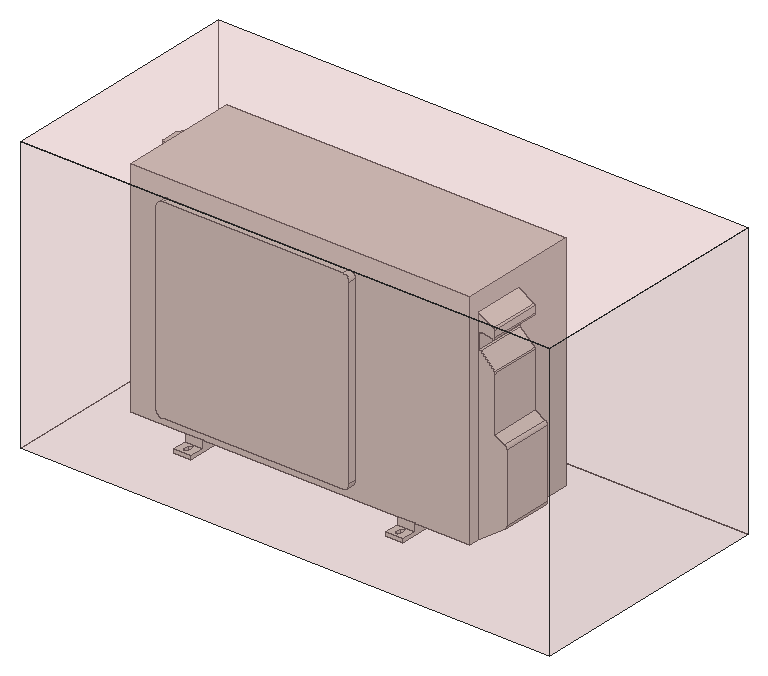
Revit family "MUY-TP35VF", category Mechanical Equipment, Revit 2016
Family settings
  Part Type = Normal
  Round Connector Dimension = Use Radius
  OmniClass Number = 23.75.00.00
  OmniClass Title = Climate Control (HVAC)
  Work Plane-Based = No
  Always vertical = Yes
  Cut with Voids When Loaded = No
  Shared = No
  Room Calculation Point = No
Parameters (values of type "MUY-TP35VF")
  Width (mm) = 800 mm
  Unit Weight (kg) = 34.00 kg
  Starting current (Set) (A) = 3.6
  Refrigerant type = "R32"
  Model = "MUY-TP35VF"
  Voltage = 230 V
  URL = "http://www.mitsubishielectric.com/"
  Subcategory = "HVAC"
  Space View = yes
  Refrigerant filling capacity (kg) = 0.85
  Phase = 1
  Manufacturer = "Mitsubishi Electric Corporation"
  Liquid pipe_radius (mm) = 3.2 mm
  Hertz = 50 Hz
  Height (mm) = 550 mm
  Gas pipe_radius (mm) = 4.8 mm
  Fan speed regulator = 3
  Fan motor Model = "RC0J50-NC"
  Fan Motor Cooling Current (A) = 0.21
  Depth (mm) = 285 mm
  Cooling Sound Level (dB(A)) = 45
  Cooling Running current (Set) (A) = 3.6
  Cooling Power input (Set) (W) = 760
  Cooling Power factor (Set) (%) = 91
  Cooling Fan Speed_Low (rpm) = 490
  Cooling Fan Speed_High (rpm) = 810
  Cooling Dehumidification (L/h) = 0.1
  Cooling Coefficient of performance (COP) (Set) = 4.61
  Cooling Capacity Rated frequency (Min.-Max.) (kW) = "3.5 (1.5-4.0)"
  Cooling Air Flow_Low (m3/h) = 984
  Cooling Air Flow_High (m3/h) = 1758
  Compressor Refrigeration oil (Model) = "0.35 (FW68S)"
  Compressor Output (W) = 900
  Compressor Model = "SVB130FBBMT"
  Compressor Cooling Current (A) = 3.6
  Breaker Capacity (A) = 10
Reference planes
  plane 1 "Center (Front/Back)": y = 0
  plane 2: z = 0
  plane 3 "Center (Left/Right)": x = 0
  plane 4: y = 137.441
  plane 5: y = -147.559
  plane 6: y = 137.441
  plane 7: y = -147.559
  plane 8: x = -424.944
  plane 9: x = 375.056
  plane 10: z = 550
  plane 11: y = -33.059
  plane 12: x = -122.4
  plane 13: z = 280
  plane 14: through (4267.2, -33.059, 99.519) normal (0, 0.682, -0.7314)
  plane 15: through (4267.2, -33.059, 164.533) normal (0, 0.5736, -0.8192)
Forms (mm)
  Extrusion 1, solid, material "Paint_3Y 7.8/ 1.1"
    sketch origin (0, 0, 0) x (1, 0, 0) y (0, 1, 0)
      loop
        line (-424.944, 137.441) -> (-424.944, -147.559) -> (375.056, -147.559) -> (375.056, 137.441) -> (-424.944, 137.441)
    from 26 to 550
  Extrusion 2, void
    sketch origin (-470.455, 137.441, 0) x (-1, 0, 0) y (0, 0, -1)
      loop
        line (-719.9, -45) -> (-719.9, -523) -> (-90.6, -523) -> (-90.6, -45) -> (-719.9, -45)
    from 0 to 20
  Extrusion 3, solid, material "Service space", visible <- "Space View"
    sketch origin (-18.256, 11.113, 0) x (1, 0, 0) y (0, 1, 0)
      loop
        line (743.313, 226.328) -> (-506.687, 226.328) -> (-506.688, -358.672) -> (743.312, -358.672) -> (743.313, 226.328)
    from 650 to 0
  Extrusion 4, solid
    sketch origin (-394.543, 124.738, 45) x (1, 0, 0) y (0, 1, 0)
      loop
        circle (484.071, 12.703) r 1.954
      loop
        circle (334.071, 12.703) r 1.954
      loop
        circle (174.071, 12.703) r 1.954
      loop
        circle (23.993, 12.703) r 1.954
      loop
        circle (633.993, 12.703) r 1.954
    from 0 to 478
  Extrusion 5, solid
    sketch origin (-475, -20.203, 0) x (0, 1, 0) y (0, 0, 1)
      loop
        circle (157.644, 509.319) r 2
      loop
        circle (157.644, 359.319) r 2
      loop
        circle (157.644, 209.319) r 2
      loop
        circle (157.644, 59.319) r 2
    from 95.145 to 724.445
  Extrusion 6, solid, material "Paint_3Y 7.8/ 1.1"
    sketch origin (0, -152.3, 0) x (1, 0, 0) y (0, 0, 1)
      loop
        line (375.056, 26) -> (441.127, 71.571)
        arc (441.127, 71.571) -> (443.295, 74.815) -> (444.056, 78.642) r 10
        line (444.056, 78.642) -> (444.056, 239.783)
        arc (444.056, 239.783) -> (442.717, 244.783) -> (439.056, 248.443) r 10
        line (439.056, 248.443) -> (415.575, 262) -> (415.575, 389.679)
        arc (415.575, 389.679) -> (415.195, 391.593) -> (414.111, 393.215) r 5
        line (414.111, 393.215) -> (380.436, 426.89)
        arc (380.436, 426.89) -> (379.352, 428.513) -> (378.971, 430.426) r 5
        line (378.971, 430.426) -> (378.971, 462.333)
        arc (378.971, 462.333) -> (380.893, 466.273) -> (385.181, 467.184) r 5
        line (385.181, 467.184) -> (409.366, 461.154)
        arc (409.366, 461.154) -> (413.654, 462.066) -> (415.575, 466.006) r 5
        line (415.575, 466.006) -> (415.575, 481.719)
        arc (415.575, 481.719) -> (414.906, 484.219) -> (413.075, 486.05) r 5
        line (413.075, 486.05) -> (375.056, 508) -> (375.056, 26)
    from -147.241 to -30.241
  Extrusion 7, solid, material "Paint_3Y 7.8/ 1.1"
    sketch origin (-2, -152.3, -15) x (1, 0, 0) y (0, 0, 1)
      loop
        arc (-333.4, 523) -> (-344.007, 518.607) -> (-348.4, 508) r 15
        line (-348.4, 508) -> (-348.4, 82)
        arc (-348.4, 82) -> (-344.007, 71.393) -> (-333.4, 67) r 15
        line (-333.4, 67) -> (92.6, 67)
        arc (92.6, 67) -> (103.207, 71.393) -> (107.6, 82) r 15
        line (107.6, 82) -> (107.6, 508)
        arc (107.6, 508) -> (103.207, 518.607) -> (92.6, 523) r 15
        line (92.6, 523) -> (-333.4, 523)
    from -4.741 to 12.959
  Extrusion 8, solid, material "Copper"
    sketch origin (0, 318.962, 382.582) x (1, 0, 0) y (0, 0.681998, -0.731354)
      loop
        circle (430.373, -33.059) r 4.76
    from -480.5 to -450.5
  Extrusion 9, solid, material "Copper"
    sketch origin (0, 301.686, 358.566) x (1, 0, 0) y (0, 0.573576, -0.819152)
      loop
        circle (430.373, -33.059) r 3.175
    from -415.5 to -385.5
  Extrusion 10, solid, material "Paint_3Y 7.8/ 1.1"
    sketch origin (0, 0, 550) x (1, 0, 0) y (0, 1, 0)
      loop
        line (-424.944, 29.941) -> (-444.593, 16.724)
        arc (-444.593, 16.724) -> (-446.54, 14.566) -> (-447.244, 11.745) r 6
        line (-447.244, 11.745) -> (-447.244, -22.397)
        arc (-447.244, -22.397) -> (-446.657, -24.747) -> (-445.034, -26.545) r 5
        line (-445.034, -26.545) -> (-424.944, -40.059) -> (-424.944, 29.941)
    from -15 to 0
  Extrusion 11, void
    sketch origin (0, -152.3, 0) x (1, 0, 0) y (0, 0, 1)
      loop
        line (-424.944, 547.199) -> (-424.944, 555.425) -> (-453.962, 555.425) -> (-453.962, 538.639) -> (-447.244, 538.639) -> (-424.944, 547.199)
    from -182.424 to -112.241
Cuts and joins
  Extrusion 2 cuts Extrusion 1
  Extrusion 2 cuts Extrusion 3
  Extrusion 2 cuts Extrusion 4
  Extrusion 2 cuts Extrusion 5
  Extrusion 11 cuts Extrusion 10
Lines and regions (mm)
  model lines
    curve 1: line (-354.444, 36.941, 550) -> (304.556, 36.941, 550)
    curve 2: line (-369.444, 81.941, 550) -> (-369.444, 51.941, 550)
    curve 3: line (304.556, 96.941, 550) -> (-354.444, 96.941, 550)
    curve 4: line (-344.4, -165.259, 505) -> (-344.4, -165.259, 55)
    curve 5: line (-332.4, -165.259, 508) -> (-332.4, -165.259, 52)
    curve 6: line (-320.4, -165.259, 508) -> (-320.4, -165.259, 52)
    curve 7: line (-308.4, -165.259, 508) -> (-308.4, -165.259, 52)
    curve 8: line (-296.4, -165.259, 508) -> (-296.4, -165.259, 52)
    curve 9: line (-284.4, -165.259, 508) -> (-284.4, -165.259, 52)
    curve 10: line (-272.507, -165.259, 508) -> (-272.507, -165.259, 52)
    curve 11: line (-260.4, -165.259, 508) -> (-260.4, -165.259, 52)
    curve 12: line (105.6, -165.259, 446) -> (-350.4, -165.259, 446)
    curve 13: line (105.6, -165.259, 352) -> (-350.4, -165.259, 352)
    curve 14: line (105.6, -165.259, 258) -> (-350.4, -165.259, 258)
    curve 15: line (105.6, -165.259, 164) -> (-350.4, -165.259, 164)
    curve 16: line (105.6, -165.259, 70) -> (-350.4, -165.259, 70)
    curve 17: line (-248.4, -165.259, 508) -> (-248.4, -165.259, 52)
    curve 18: line (-236.4, -165.259, 508) -> (-236.4, -165.259, 52)
    curve 19: line (-224.4, -165.259, 508) -> (-224.4, -165.259, 52)
    curve 20: line (-212.4, -165.259, 508) -> (-212.4, -165.259, 52)
    curve 21: line (-200.4, -165.259, 508) -> (-200.4, -165.259, 52)
    curve 22: line (-188.507, -165.259, 508) -> (-188.507, -165.259, 52)
    curve 23: line (-176.4, -165.259, 508) -> (-176.4, -165.259, 52)
    curve 24: line (-164.4, -165.259, 508) -> (-164.4, -165.259, 52)
    curve 25: line (-152.4, -165.259, 508) -> (-152.4, -165.259, 52)
    curve 26: line (-140.4, -165.259, 508) -> (-140.4, -165.259, 52)
    curve 27: line (-128.4, -165.259, 508) -> (-128.4, -165.259, 52)
    curve 28: line (-116.4, -165.259, 508) -> (-116.4, -165.259, 52)
    curve 29: line (-104.507, -165.259, 508) -> (-104.507, -165.259, 52)
    curve 30: line (-92.4, -165.259, 508) -> (-92.4, -165.259, 52)
    curve 31: line (-80.4, -165.259, 508) -> (-80.4, -165.259, 52)
    curve 32: line (-68.4, -165.259, 508) -> (-68.4, -165.259, 52)
    curve 33: line (-56.4, -165.259, 508) -> (-56.4, -165.259, 52)
    curve 34: line (-44.4, -165.259, 508) -> (-44.4, -165.259, 52)
    curve 35: line (-32.4, -165.259, 508) -> (-32.4, -165.259, 52)
    curve 36: line (-20.507, -165.259, 508) -> (-20.507, -165.259, 52)
    curve 37: line (-8.4, -165.259, 508) -> (-8.4, -165.259, 52)
    curve 38: line (3.6, -165.259, 508) -> (3.6, -165.259, 52)
    curve 39: line (15.6, -165.259, 508) -> (15.6, -165.259, 52)
    curve 40: line (27.6, -165.259, 508) -> (27.6, -165.259, 52)
    curve 41: line (39.6, -165.259, 508) -> (39.6, -165.259, 52)
    curve 42: line (51.493, -165.259, 508) -> (51.493, -165.259, 52)
    curve 43: line (63.6, -165.259, 508) -> (63.6, -165.259, 52)
    curve 44: line (75.6, -165.259, 508) -> (75.6, -165.259, 52)
    curve 45: line (87.6, -165.259, 508) -> (87.6, -165.259, 52)
    curve 46: line (99.6, -165.259, 505) -> (99.6, -165.259, 55)
    curve 47: line (319.556, 81.941, 550) -> (319.556, 51.941, 550)
    curve 48: line (-354.444, -107.059, 550) -> (304.556, -107.059, 550)
    curve 49: line (-369.444, -62.059, 550) -> (-369.444, -92.059, 550)
    curve 50: line (304.556, -47.059, 550) -> (-354.444, -47.059, 550)
    curve 51: line (319.556, -62.059, 550) -> (319.556, -92.059, 550)
    curve 52: line (-354.444, -35.059, 550) -> (304.556, -35.059, 550)
    curve 53: line (-369.444, 9.941, 550) -> (-369.444, -20.059, 550)
    curve 54: line (304.556, 24.941, 550) -> (-354.444, 24.941, 550)
    curve 55: line (319.556, 9.941, 550) -> (319.556, -20.059, 550)
    curve 56: arc (304.556, 96.941, 550) -> (315.163, 92.547, 550) -> (319.556, 81.941, 550) r 15
    curve 57: arc (319.556, 51.941, 550) -> (315.163, 41.334, 550) -> (304.556, 36.941, 550) r 15
    curve 58: arc (-369.444, 81.941, 550) -> (-365.05, 92.547, 550) -> (-354.444, 96.941, 550) r 15
    curve 59: arc (-369.444, 51.941, 550) -> (-365.05, 41.334, 550) -> (-354.444, 36.941, 550) r 15
    curve 60: arc (-354.444, 24.941, 550) -> (-365.05, 20.547, 550) -> (-369.444, 9.941, 550) r 15
    curve 61: arc (-369.444, -20.059, 550) -> (-365.05, -30.666, 550) -> (-354.444, -35.059, 550) r 15
    curve 62: arc (-354.444, -47.059, 550) -> (-365.05, -51.453, 550) -> (-369.444, -62.059, 550) r 15
    curve 63: arc (-369.444, -92.059, 550) -> (-365.05, -102.666, 550) -> (-354.444, -107.059, 550) r 15
    curve 64: arc (304.556, 24.941, 550) -> (315.163, 20.547, 550) -> (319.556, 9.941, 550) r 15
    curve 65: arc (304.556, -35.059, 550) -> (315.163, -30.666, 550) -> (319.556, -20.059, 550) r 15
    curve 66: arc (304.556, -47.059, 550) -> (315.163, -51.453, 550) -> (319.556, -62.059, 550) r 15
    curve 67: arc (304.556, -107.059, 550) -> (315.163, -102.666, 550) -> (319.556, -92.059, 550) r 15
Text (mm)
  text "Required Space" at (-452.773, -348.162, 0), in view "Ref. Level"
  text "Required Space" at (520.042, 0, 678.732), in view "Front"
Dimensions and locks
  plane 11 to plane 6 = 170.5 mm
  nested 1 to nested 2 = 500 mm
  plane 9 to plane 8 = 800 mm
  nested 2 to plane 8 = 150.031 mm
  plane 9 to Extrusion 6 = 69 mm
  plane 10 to level = 550 mm
  plane 13 to level = 280 mm
  plane 12 to plane 8 = 302.544 mm
  plane 8 to cut or joined group of Extrusion 10, Extrusion 11 = 22.3 mm
  Extrusion 7 to plane 7 = 17.7 mm
  Extrusion 8 to level = 99.519 mm
  Extrusion 9 to level = 164.533 mm
  nested 1 to nested 1 = 40 mm
  plane 7 to cut or joined group of Extrusion 2, Extrusion 3 = 200 mm
  plane 6 to cut or joined group of Extrusion 2, Extrusion 3 = 100 mm
  plane 9 to cut or joined group of Extrusion 2, Extrusion 3 = 350 mm
  cut or joined group of Extrusion 2, Extrusion 3 to plane 8 = 100 mm
  nested 1 to nested 1 = 344.5 mm
  plane 7 to plane 6 = 285 mm
  Extrusion 3 sketch curve to curve 51 = 405.5 mm
  cut or joined group of Extrusion 2, Extrusion 3 to plane 10 = 100 mm
  radius of Extrusion 8 sketch curve = 4.76 mm
  radius of Extrusion 9 sketch curve = 3.175 mm
  angle level to plane 14 = 43.00°
  angle level to plane 15 = 35.00°
  aligned and locked: level to plane 2
Nested families
  nested 1: "leg" at (225.088, -10.909, 0), type "leg"
  nested 2: "leg" at (-274.912, -10.909, 0), type "leg"
Connectors
  piping at (430.373, -33.059, 164.533), diameter 6.35
    settings: on Extrusion 9, index 1, connector inside diameter 6.35 mm, connector length 0 mm, flow factor 0, pipe flow 0.0 L/s, pressure drop 0.0 Pa, fitting loss kfactor 0, connector angle 0.00°, fixture units 0, engagement length 0 mm, angle of deflection 0.00°, flow configuration 0, flow direction 0, fitting loss method 0, system type 22, joint type 0, gender type 0, connector reference index -1, connector utility 0, adjustable connector no, is connector primary yes, connector description "Liquid Pipe"
  piping at (430.373, -33.059, 99.519), diameter 9.52
    settings: on Extrusion 8, index 2, connector inside diameter 9.52 mm, connector length 0 mm, flow factor 0, pipe flow 0.0 L/s, pressure drop 0.0 Pa, fitting loss kfactor 0, connector angle 0.00°, fixture units 0, engagement length 0 mm, angle of deflection 0.00°, flow configuration 0, flow direction 0, fitting loss method 0, system type 22, joint type 0, gender type 0, connector reference index -1, connector utility 0, adjustable connector no, is connector primary no, connector description "Gas Pipe"
  electrical at (415.575, -63.559, 325.84), driven by "Phase", driven by "Voltage"
    settings: on Extrusion 6, index 3, voltage 230 V, apparent load 0 VA, apparent load phase1 0 VA, apparent load phase2 0 VA, apparent load phase3 0 VA, power factor 1, load classification "Other", number of poles 1, system type 30, power factor state 1, is connector primary yes, connector utility no, sub classification motor no, connector description ""
Definition of nested family "leg"
  Parameters
    Manufacturer = "Mitsubishi Electric Corporation\r\n"
    Voltage = 0 V
    Unit Weight (kg) = 0
    URL = "http://global.mitsubishielectric.com/"
    Subcategory = "HVAC\r\n"
    Space View = yes
    Sound Pressure Level_Mid2 (dB(A)) = 0
    Sound Pressure Level_Mid1 (dB(A)) = 0
    Sound Pressure Level_Mid (dB(A)) = 0
    Sound Pressure Level_Low (dB(A)) = 0
    Sound Pressure Level_High (dB(A)) = 0
    Sound Pressure Level (dB(A)) = 0
    Refrigerant type = ""
    Refrigerant Charge (kg) = 0
    Protection Devices_Inverter circuit (COMP./FAN) = ""
    Protection Devices_High pressure (MPa) = ""
    Protection Devices_Fan motor = ""
    Protection Devices_Compressor = ""
    Protection Device = ""
    Phase = 1
    Maximum Overcurrent Protection (A) = 0
    Maximum Circuit Ampacity (A) = 0
    Indoor Unit Total Capacity = ""
    Indoor Unit Model/Quantity = ""
    Hertz = 0 Hz
    Heating Power Input (kW) = 0
    Heating Current (A) = 0
    Heating Capacity (BTU) = 0
    Fan_Type = ""
    Fan_Quantity = 0
    Fan Motor Output (kW) = 0
    External Material = ""
    Cooling Power Input (kW) = 0
    Cooling Current (A) = 0
    Cooling Capacity (BTU) = 0
    Connectable Outdoor Unit = ""
    Compressor_Type = ""
    Compressor_Quantity = 0
    Compressor_Lubricant = ""
    Compressor Motor Output (kW) = 0
    Compressor Case Heater (kW) = 0
    Airflow Rate_Mid2 (cfm) = 0
    Airflow Rate_Mid1 (cfm) = 0
    Airflow Rate_Mid (cfm) = 0
    Airflow Rate_Low (cfm) = 0
    Airflow Rate_High (cfm) = 0
    Airflow Rate (cfm) = 0
  Reference planes
    plane 1: z = 0
    plane 2 "中心(左/右)": x = 0
    plane 3: z = 26
    plane 4: z = 21
    plane 5: y = -171.65
    plane 6: x = -20
    plane 7: x = 20
    plane 8: z = 8
    plane 9: y = 172.85
    plane 10: y = -154.15
    plane 11: y = 0.55
    plane 12: y = 148.35
    plane 13: y = -136.65
  Forms (mm)
    Extrusion 1, solid
      sketch origin (0, 16.7, 0) x (0, -1, 0) y (0, 0, 1)
        loop
          line (188.35, 8) -> (153.35, 8) -> (153.35, 26) -> (-131.65, 26) -> (-131.65, 8) -> (-156.15, 8) -> (-156.15, 0) -> (188.35, 0) -> (188.35, 8)
      from 20 to -20
    Extrusion 2, void
      sketch origin (0, 32.286, 0) x (-1, 0, 0) y (0, -1, 0)
        loop
          arc (-5, 180.936) -> (0, 175.936) -> (5, 180.936) r 5
          line (5, 180.936) -> (5, 191.936)
          arc (5, 191.936) -> (0, 196.936) -> (-5, 191.936) r 5
          line (-5, 191.936) -> (-5, 180.936)
        loop
          arc (-5, -140.564) -> (0, -145.564) -> (5, -140.564) r 5
          line (5, -140.564) -> (5, -129.564)
          arc (5, -129.564) -> (0, -124.564) -> (-5, -129.564) r 5
          line (-5, -129.564) -> (-5, -140.564)
      from 0 to 8
  Cuts and joins
    Extrusion 2 cuts Extrusion 1
  Dimensions and locks
    plane 5 to plane 9 = 344.5 mm
    plane 5 to plane 10 = 17.5 mm
    plane 13 to plane 12 = 285 mm
    aligned and locked: plane 3 to cut or joined group of Extrusion 1, Extrusion 2
